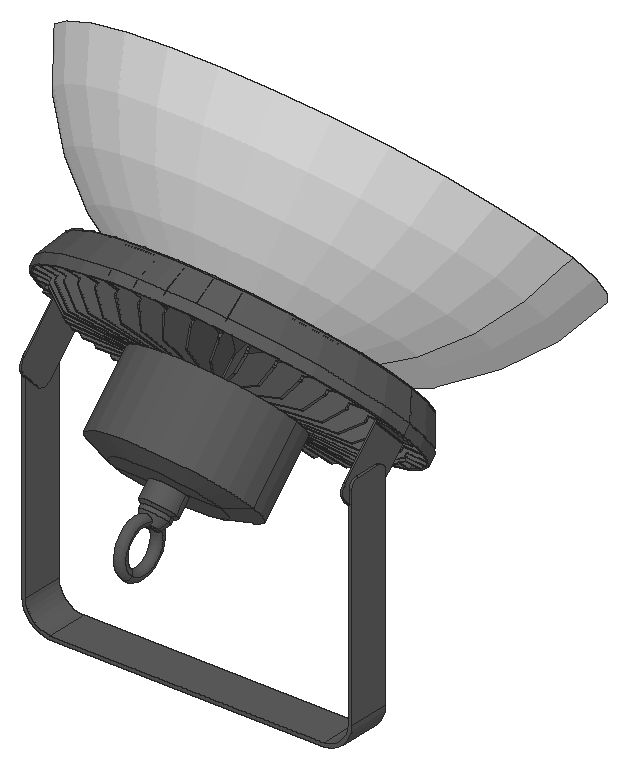
Revit family "0039363+0039354+0039356 Sylvania Lighting Fixture START HighBay IP65 DALI 19000lm 840 MB with BRACKET and ALU SHADE ALU COLOR FOR 13 19KLM", category Lighting Fixtures, host Face, Revit 2016 (continued)
Definition of nested family "Start LED Highbay DALI Head"
  Nested families
    nested 6: "Start Highbay Rib" at (0, 0, 80.875) x (0.7071, 0.7071, 0) z (0, 0, 1), type "Type Name", detail levels medium+fine
      with SuspensionHeight_FEILO 2.6 mm, WidthStraight_FEILO 4.7 mm, WidthRingChamfer_FEILO 12.9 mm, WidthCurved_FEILO 26.2 mm, WidthCurvedRing_FEILO 4.7 mm, SizeS_FEILO no, Rib4_FEILO 14.6 mm, Rib3_FEILO 20.2 mm, Rib2_FEILO 4.5 mm, Rib1_FEILO 19 mm, RadiusDiffuser_FEILO 120 mm, RHRadius3_FEILO 8.6 mm, RHRadius2_FEILO 14 mm, RHRadius1_FEILO 17.7 mm, RHHeight4_FEILO 9.2 mm, RHHeight3_FEILO 4.6 mm, RHHeight2_FEILO 2.6 mm, RHHeight1_FEILO 17.4 mm, HeightRing_FEILO 36.8 mm, HeightRingChamfer_FEILO 26.6 mm, EyeThickness_FEILO 10.5 mm, EyeThicknessHalf_FEILO 5.25 mm, EyeInner_FEILO 17.3 mm, DriverVerticalStraight_FEILO 57 mm, DriverVerticalChamfer_FEILO 9.5 mm, DriverRadius_FEILO 76.4 mm, DriverRadiusTop_FEILO 52.4 mm, DriverBottom_FEILO 74 mm, Radius_FEILO 169.5 mm
    nested 7: "Start Highbay Rib" at (0, 0, 80.875) x (0.5878, 0.809, 0) z (0, 0, 1), type "Type Name", detail levels medium+fine
      with SuspensionHeight_FEILO 2.6 mm, WidthStraight_FEILO 4.7 mm, WidthRingChamfer_FEILO 12.9 mm, WidthCurved_FEILO 26.2 mm, WidthCurvedRing_FEILO 4.7 mm, SizeS_FEILO no, Rib4_FEILO 14.6 mm, Rib3_FEILO 20.2 mm, Rib2_FEILO 4.5 mm, Rib1_FEILO 19 mm, RadiusDiffuser_FEILO 120 mm, RHRadius3_FEILO 8.6 mm, RHRadius2_FEILO 14 mm, RHRadius1_FEILO 17.7 mm, RHHeight4_FEILO 9.2 mm, RHHeight3_FEILO 4.6 mm, RHHeight2_FEILO 2.6 mm, RHHeight1_FEILO 17.4 mm, HeightRing_FEILO 36.8 mm, HeightRingChamfer_FEILO 26.6 mm, EyeThickness_FEILO 10.5 mm, EyeThicknessHalf_FEILO 5.25 mm, EyeInner_FEILO 17.3 mm, DriverVerticalStraight_FEILO 57 mm, DriverVerticalChamfer_FEILO 9.5 mm, DriverRadius_FEILO 76.4 mm, DriverRadiusTop_FEILO 52.4 mm, DriverBottom_FEILO 74 mm, Radius_FEILO 169.5 mm
    nested 8: "Start Highbay Rib" at (0, 0, 80.875) x (0.454, 0.891, 0) z (0, 0, 1), type "Type Name", detail levels medium+fine
      with SuspensionHeight_FEILO 2.6 mm, WidthStraight_FEILO 4.7 mm, WidthRingChamfer_FEILO 12.9 mm, WidthCurved_FEILO 26.2 mm, WidthCurvedRing_FEILO 4.7 mm, SizeS_FEILO no, Rib4_FEILO 14.6 mm, Rib3_FEILO 20.2 mm, Rib2_FEILO 4.5 mm, Rib1_FEILO 19 mm, RadiusDiffuser_FEILO 120 mm, RHRadius3_FEILO 8.6 mm, RHRadius2_FEILO 14 mm, RHRadius1_FEILO 17.7 mm, RHHeight4_FEILO 9.2 mm, RHHeight3_FEILO 4.6 mm, RHHeight2_FEILO 2.6 mm, RHHeight1_FEILO 17.4 mm, HeightRing_FEILO 36.8 mm, HeightRingChamfer_FEILO 26.6 mm, EyeThickness_FEILO 10.5 mm, EyeThicknessHalf_FEILO 5.25 mm, EyeInner_FEILO 17.3 mm, DriverVerticalStraight_FEILO 57 mm, DriverVerticalChamfer_FEILO 9.5 mm, DriverRadius_FEILO 76.4 mm, DriverRadiusTop_FEILO 52.4 mm, DriverBottom_FEILO 74 mm, Radius_FEILO 169.5 mm
    nested 9: "Start Highbay Rib" at (0, 0, 80.875) x (0.309, 0.9511, 0) z (0, 0, 1), type "Type Name", detail levels medium+fine
      with SuspensionHeight_FEILO 2.6 mm, WidthStraight_FEILO 4.7 mm, WidthRingChamfer_FEILO 12.9 mm, WidthCurved_FEILO 26.2 mm, WidthCurvedRing_FEILO 4.7 mm, SizeS_FEILO no, Rib4_FEILO 14.6 mm, Rib3_FEILO 20.2 mm, Rib2_FEILO 4.5 mm, Rib1_FEILO 19 mm, RadiusDiffuser_FEILO 120 mm, RHRadius3_FEILO 8.6 mm, RHRadius2_FEILO 14 mm, RHRadius1_FEILO 17.7 mm, RHHeight4_FEILO 9.2 mm, RHHeight3_FEILO 4.6 mm, RHHeight2_FEILO 2.6 mm, RHHeight1_FEILO 17.4 mm, HeightRing_FEILO 36.8 mm, HeightRingChamfer_FEILO 26.6 mm, EyeThickness_FEILO 10.5 mm, EyeThicknessHalf_FEILO 5.25 mm, EyeInner_FEILO 17.3 mm, DriverVerticalStraight_FEILO 57 mm, DriverVerticalChamfer_FEILO 9.5 mm, DriverRadius_FEILO 76.4 mm, DriverRadiusTop_FEILO 52.4 mm, DriverBottom_FEILO 74 mm, Radius_FEILO 169.5 mm
    nested 10: "Start Highbay Rib" at (0, 0, 80.875) x (0.1564, 0.9877, 0) z (0, 0, 1), type "Type Name", detail levels medium+fine
      with SuspensionHeight_FEILO 2.6 mm, WidthStraight_FEILO 4.7 mm, WidthRingChamfer_FEILO 12.9 mm, WidthCurved_FEILO 26.2 mm, WidthCurvedRing_FEILO 4.7 mm, SizeS_FEILO no, Rib4_FEILO 14.6 mm, Rib3_FEILO 20.2 mm, Rib2_FEILO 4.5 mm, Rib1_FEILO 19 mm, RadiusDiffuser_FEILO 120 mm, RHRadius3_FEILO 8.6 mm, RHRadius2_FEILO 14 mm, RHRadius1_FEILO 17.7 mm, RHHeight4_FEILO 9.2 mm, RHHeight3_FEILO 4.6 mm, RHHeight2_FEILO 2.6 mm, RHHeight1_FEILO 17.4 mm, HeightRing_FEILO 36.8 mm, HeightRingChamfer_FEILO 26.6 mm, EyeThickness_FEILO 10.5 mm, EyeThicknessHalf_FEILO 5.25 mm, EyeInner_FEILO 17.3 mm, DriverVerticalStraight_FEILO 57 mm, DriverVerticalChamfer_FEILO 9.5 mm, DriverRadius_FEILO 76.4 mm, DriverRadiusTop_FEILO 52.4 mm, DriverBottom_FEILO 74 mm, Radius_FEILO 169.5 mm
    nested 11: "Start Highbay Rib" at (0, 0, 80.875) x (0, 1, 0) z (0, 0, 1), type "Type Name", detail levels medium+fine
      with SuspensionHeight_FEILO 2.6 mm, WidthStraight_FEILO 4.7 mm, WidthRingChamfer_FEILO 12.9 mm, WidthCurved_FEILO 26.2 mm, WidthCurvedRing_FEILO 4.7 mm, SizeS_FEILO no, Rib4_FEILO 14.6 mm, Rib3_FEILO 20.2 mm, Rib2_FEILO 4.5 mm, Rib1_FEILO 19 mm, RadiusDiffuser_FEILO 120 mm, RHRadius3_FEILO 8.6 mm, RHRadius2_FEILO 14 mm, RHRadius1_FEILO 17.7 mm, RHHeight4_FEILO 9.2 mm, RHHeight3_FEILO 4.6 mm, RHHeight2_FEILO 2.6 mm, RHHeight1_FEILO 17.4 mm, HeightRing_FEILO 36.8 mm, HeightRingChamfer_FEILO 26.6 mm, EyeThickness_FEILO 10.5 mm, EyeThicknessHalf_FEILO 5.25 mm, EyeInner_FEILO 17.3 mm, DriverVerticalStraight_FEILO 57 mm, DriverVerticalChamfer_FEILO 9.5 mm, DriverRadius_FEILO 76.4 mm, DriverRadiusTop_FEILO 52.4 mm, DriverBottom_FEILO 74 mm, Radius_FEILO 169.5 mm
    nested 12: "Start Highbay Rib" at (0, 0, 80.875) x (-0.1564, 0.9877, 0) z (0, 0, 1), type "Type Name", detail levels medium+fine
      with SuspensionHeight_FEILO 2.6 mm, WidthStraight_FEILO 4.7 mm, WidthRingChamfer_FEILO 12.9 mm, WidthCurved_FEILO 26.2 mm, WidthCurvedRing_FEILO 4.7 mm, SizeS_FEILO no, Rib4_FEILO 14.6 mm, Rib3_FEILO 20.2 mm, Rib2_FEILO 4.5 mm, Rib1_FEILO 19 mm, RadiusDiffuser_FEILO 120 mm, RHRadius3_FEILO 8.6 mm, RHRadius2_FEILO 14 mm, RHRadius1_FEILO 17.7 mm, RHHeight4_FEILO 9.2 mm, RHHeight3_FEILO 4.6 mm, RHHeight2_FEILO 2.6 mm, RHHeight1_FEILO 17.4 mm, HeightRing_FEILO 36.8 mm, HeightRingChamfer_FEILO 26.6 mm, EyeThickness_FEILO 10.5 mm, EyeThicknessHalf_FEILO 5.25 mm, EyeInner_FEILO 17.3 mm, DriverVerticalStraight_FEILO 57 mm, DriverVerticalChamfer_FEILO 9.5 mm, DriverRadius_FEILO 76.4 mm, DriverRadiusTop_FEILO 52.4 mm, DriverBottom_FEILO 74 mm, Radius_FEILO 169.5 mm
    nested 13: "Start Highbay Rib" at (0, 0, 80.875) x (-0.309, 0.9511, 0) z (0, 0, 1), type "Type Name", detail levels medium+fine
      with SuspensionHeight_FEILO 2.6 mm, WidthStraight_FEILO 4.7 mm, WidthRingChamfer_FEILO 12.9 mm, WidthCurved_FEILO 26.2 mm, WidthCurvedRing_FEILO 4.7 mm, SizeS_FEILO no, Rib4_FEILO 14.6 mm, Rib3_FEILO 20.2 mm, Rib2_FEILO 4.5 mm, Rib1_FEILO 19 mm, RadiusDiffuser_FEILO 120 mm, RHRadius3_FEILO 8.6 mm, RHRadius2_FEILO 14 mm, RHRadius1_FEILO 17.7 mm, RHHeight4_FEILO 9.2 mm, RHHeight3_FEILO 4.6 mm, RHHeight2_FEILO 2.6 mm, RHHeight1_FEILO 17.4 mm, HeightRing_FEILO 36.8 mm, HeightRingChamfer_FEILO 26.6 mm, EyeThickness_FEILO 10.5 mm, EyeThicknessHalf_FEILO 5.25 mm, EyeInner_FEILO 17.3 mm, DriverVerticalStraight_FEILO 57 mm, DriverVerticalChamfer_FEILO 9.5 mm, DriverRadius_FEILO 76.4 mm, DriverRadiusTop_FEILO 52.4 mm, DriverBottom_FEILO 74 mm, Radius_FEILO 169.5 mm
    nested 14: "Start Highbay Rib" at (0, 0, 80.875) x (-0.454, 0.891, 0) z (0, 0, 1), type "Type Name", detail levels medium+fine
      with SuspensionHeight_FEILO 2.6 mm, WidthStraight_FEILO 4.7 mm, WidthRingChamfer_FEILO 12.9 mm, WidthCurved_FEILO 26.2 mm, WidthCurvedRing_FEILO 4.7 mm, SizeS_FEILO no, Rib4_FEILO 14.6 mm, Rib3_FEILO 20.2 mm, Rib2_FEILO 4.5 mm, Rib1_FEILO 19 mm, RadiusDiffuser_FEILO 120 mm, RHRadius3_FEILO 8.6 mm, RHRadius2_FEILO 14 mm, RHRadius1_FEILO 17.7 mm, RHHeight4_FEILO 9.2 mm, RHHeight3_FEILO 4.6 mm, RHHeight2_FEILO 2.6 mm, RHHeight1_FEILO 17.4 mm, HeightRing_FEILO 36.8 mm, HeightRingChamfer_FEILO 26.6 mm, EyeThickness_FEILO 10.5 mm, EyeThicknessHalf_FEILO 5.25 mm, EyeInner_FEILO 17.3 mm, DriverVerticalStraight_FEILO 57 mm, DriverVerticalChamfer_FEILO 9.5 mm, DriverRadius_FEILO 76.4 mm, DriverRadiusTop_FEILO 52.4 mm, DriverBottom_FEILO 74 mm, Radius_FEILO 169.5 mm
    nested 15: "Start Highbay Rib" at (0, 0, 80.875) x (-0.5878, 0.809, 0) z (0, 0, 1), type "Type Name", detail levels medium+fine
      with SuspensionHeight_FEILO 2.6 mm, WidthStraight_FEILO 4.7 mm, WidthRingChamfer_FEILO 12.9 mm, WidthCurved_FEILO 26.2 mm, WidthCurvedRing_FEILO 4.7 mm, SizeS_FEILO no, Rib4_FEILO 14.6 mm, Rib3_FEILO 20.2 mm, Rib2_FEILO 4.5 mm, Rib1_FEILO 19 mm, RadiusDiffuser_FEILO 120 mm, RHRadius3_FEILO 8.6 mm, RHRadius2_FEILO 14 mm, RHRadius1_FEILO 17.7 mm, RHHeight4_FEILO 9.2 mm, RHHeight3_FEILO 4.6 mm, RHHeight2_FEILO 2.6 mm, RHHeight1_FEILO 17.4 mm, HeightRing_FEILO 36.8 mm, HeightRingChamfer_FEILO 26.6 mm, EyeThickness_FEILO 10.5 mm, EyeThicknessHalf_FEILO 5.25 mm, EyeInner_FEILO 17.3 mm, DriverVerticalStraight_FEILO 57 mm, DriverVerticalChamfer_FEILO 9.5 mm, DriverRadius_FEILO 76.4 mm, DriverRadiusTop_FEILO 52.4 mm, DriverBottom_FEILO 74 mm, Radius_FEILO 169.5 mm
    nested 16: "Start Highbay Rib" at (0, 0, 80.875) x (-0.7071, 0.7071, 0) z (0, 0, 1), type "Type Name", detail levels medium+fine
      with SuspensionHeight_FEILO 2.6 mm, WidthStraight_FEILO 4.7 mm, WidthRingChamfer_FEILO 12.9 mm, WidthCurved_FEILO 26.2 mm, WidthCurvedRing_FEILO 4.7 mm, SizeS_FEILO no, Rib4_FEILO 14.6 mm, Rib3_FEILO 20.2 mm, Rib2_FEILO 4.5 mm, Rib1_FEILO 19 mm, RadiusDiffuser_FEILO 120 mm, RHRadius3_FEILO 8.6 mm, RHRadius2_FEILO 14 mm, RHRadius1_FEILO 17.7 mm, RHHeight4_FEILO 9.2 mm, RHHeight3_FEILO 4.6 mm, RHHeight2_FEILO 2.6 mm, RHHeight1_FEILO 17.4 mm, HeightRing_FEILO 36.8 mm, HeightRingChamfer_FEILO 26.6 mm, EyeThickness_FEILO 10.5 mm, EyeThicknessHalf_FEILO 5.25 mm, EyeInner_FEILO 17.3 mm, DriverVerticalStraight_FEILO 57 mm, DriverVerticalChamfer_FEILO 9.5 mm, DriverRadius_FEILO 76.4 mm, DriverRadiusTop_FEILO 52.4 mm, DriverBottom_FEILO 74 mm, Radius_FEILO 169.5 mm
    nested 17: "Start Highbay Rib" at (0, 0, 80.875) x (-0.809, 0.5878, 0) z (0, 0, 1), type "Type Name", detail levels medium+fine
      with SuspensionHeight_FEILO 2.6 mm, WidthStraight_FEILO 4.7 mm, WidthRingChamfer_FEILO 12.9 mm, WidthCurved_FEILO 26.2 mm, WidthCurvedRing_FEILO 4.7 mm, SizeS_FEILO no, Rib4_FEILO 14.6 mm, Rib3_FEILO 20.2 mm, Rib2_FEILO 4.5 mm, Rib1_FEILO 19 mm, RadiusDiffuser_FEILO 120 mm, RHRadius3_FEILO 8.6 mm, RHRadius2_FEILO 14 mm, RHRadius1_FEILO 17.7 mm, RHHeight4_FEILO 9.2 mm, RHHeight3_FEILO 4.6 mm, RHHeight2_FEILO 2.6 mm, RHHeight1_FEILO 17.4 mm, HeightRing_FEILO 36.8 mm, HeightRingChamfer_FEILO 26.6 mm, EyeThickness_FEILO 10.5 mm, EyeThicknessHalf_FEILO 5.25 mm, EyeInner_FEILO 17.3 mm, DriverVerticalStraight_FEILO 57 mm, DriverVerticalChamfer_FEILO 9.5 mm, DriverRadius_FEILO 76.4 mm, DriverRadiusTop_FEILO 52.4 mm, DriverBottom_FEILO 74 mm, Radius_FEILO 169.5 mm
    nested 18: "Start Highbay Rib" at (0, 0, 80.875) x (-0.891, 0.454, 0) z (0, 0, 1), type "Type Name", detail levels medium+fine
      with SuspensionHeight_FEILO 2.6 mm, WidthStraight_FEILO 4.7 mm, WidthRingChamfer_FEILO 12.9 mm, WidthCurved_FEILO 26.2 mm, WidthCurvedRing_FEILO 4.7 mm, SizeS_FEILO no, Rib4_FEILO 14.6 mm, Rib3_FEILO 20.2 mm, Rib2_FEILO 4.5 mm, Rib1_FEILO 19 mm, RadiusDiffuser_FEILO 120 mm, RHRadius3_FEILO 8.6 mm, RHRadius2_FEILO 14 mm, RHRadius1_FEILO 17.7 mm, RHHeight4_FEILO 9.2 mm, RHHeight3_FEILO 4.6 mm, RHHeight2_FEILO 2.6 mm, RHHeight1_FEILO 17.4 mm, HeightRing_FEILO 36.8 mm, HeightRingChamfer_FEILO 26.6 mm, EyeThickness_FEILO 10.5 mm, EyeThicknessHalf_FEILO 5.25 mm, EyeInner_FEILO 17.3 mm, DriverVerticalStraight_FEILO 57 mm, DriverVerticalChamfer_FEILO 9.5 mm, DriverRadius_FEILO 76.4 mm, DriverRadiusTop_FEILO 52.4 mm, DriverBottom_FEILO 74 mm, Radius_FEILO 169.5 mm
    nested 19: "Start Highbay Rib" at (0, 0, 80.875) x (-0.9511, 0.309, 0) z (0, 0, 1), type "Type Name", detail levels medium+fine
      with SuspensionHeight_FEILO 2.6 mm, WidthStraight_FEILO 4.7 mm, WidthRingChamfer_FEILO 12.9 mm, WidthCurved_FEILO 26.2 mm, WidthCurvedRing_FEILO 4.7 mm, SizeS_FEILO no, Rib4_FEILO 14.6 mm, Rib3_FEILO 20.2 mm, Rib2_FEILO 4.5 mm, Rib1_FEILO 19 mm, RadiusDiffuser_FEILO 120 mm, RHRadius3_FEILO 8.6 mm, RHRadius2_FEILO 14 mm, RHRadius1_FEILO 17.7 mm, RHHeight4_FEILO 9.2 mm, RHHeight3_FEILO 4.6 mm, RHHeight2_FEILO 2.6 mm, RHHeight1_FEILO 17.4 mm, HeightRing_FEILO 36.8 mm, HeightRingChamfer_FEILO 26.6 mm, EyeThickness_FEILO 10.5 mm, EyeThicknessHalf_FEILO 5.25 mm, EyeInner_FEILO 17.3 mm, DriverVerticalStraight_FEILO 57 mm, DriverVerticalChamfer_FEILO 9.5 mm, DriverRadius_FEILO 76.4 mm, DriverRadiusTop_FEILO 52.4 mm, DriverBottom_FEILO 74 mm, Radius_FEILO 169.5 mm
    nested 20: "Start Highbay Rib" at (0, 0, 80.875) x (-0.9877, 0.1564, 0) z (0, 0, 1), type "Type Name", detail levels medium+fine
      with SuspensionHeight_FEILO 2.6 mm, WidthStraight_FEILO 4.7 mm, WidthRingChamfer_FEILO 12.9 mm, WidthCurved_FEILO 26.2 mm, WidthCurvedRing_FEILO 4.7 mm, SizeS_FEILO no, Rib4_FEILO 14.6 mm, Rib3_FEILO 20.2 mm, Rib2_FEILO 4.5 mm, Rib1_FEILO 19 mm, RadiusDiffuser_FEILO 120 mm, RHRadius3_FEILO 8.6 mm, RHRadius2_FEILO 14 mm, RHRadius1_FEILO 17.7 mm, RHHeight4_FEILO 9.2 mm, RHHeight3_FEILO 4.6 mm, RHHeight2_FEILO 2.6 mm, RHHeight1_FEILO 17.4 mm, HeightRing_FEILO 36.8 mm, HeightRingChamfer_FEILO 26.6 mm, EyeThickness_FEILO 10.5 mm, EyeThicknessHalf_FEILO 5.25 mm, EyeInner_FEILO 17.3 mm, DriverVerticalStraight_FEILO 57 mm, DriverVerticalChamfer_FEILO 9.5 mm, DriverRadius_FEILO 76.4 mm, DriverRadiusTop_FEILO 52.4 mm, DriverBottom_FEILO 74 mm, Radius_FEILO 169.5 mm
    nested 21: "Start Highbay Rib" at (0, 0, 80.875) x (-1, 0, 0) z (0, 0, 1), type "Type Name", detail levels medium+fine
      with SuspensionHeight_FEILO 2.6 mm, WidthStraight_FEILO 4.7 mm, WidthRingChamfer_FEILO 12.9 mm, WidthCurved_FEILO 26.2 mm, WidthCurvedRing_FEILO 4.7 mm, SizeS_FEILO no, Rib4_FEILO 14.6 mm, Rib3_FEILO 20.2 mm, Rib2_FEILO 4.5 mm, Rib1_FEILO 19 mm, RadiusDiffuser_FEILO 120 mm, RHRadius3_FEILO 8.6 mm, RHRadius2_FEILO 14 mm, RHRadius1_FEILO 17.7 mm, RHHeight4_FEILO 9.2 mm, RHHeight3_FEILO 4.6 mm, RHHeight2_FEILO 2.6 mm, RHHeight1_FEILO 17.4 mm, HeightRing_FEILO 36.8 mm, HeightRingChamfer_FEILO 26.6 mm, EyeThickness_FEILO 10.5 mm, EyeThicknessHalf_FEILO 5.25 mm, EyeInner_FEILO 17.3 mm, DriverVerticalStraight_FEILO 57 mm, DriverVerticalChamfer_FEILO 9.5 mm, DriverRadius_FEILO 76.4 mm, DriverRadiusTop_FEILO 52.4 mm, DriverBottom_FEILO 74 mm, Radius_FEILO 169.5 mm
    nested 22: "Start Highbay Rib" at (0, 0, 80.875) x (-0.9877, -0.1564, 0) z (0, 0, 1), type "Type Name", detail levels medium+fine
      with SuspensionHeight_FEILO 2.6 mm, WidthStraight_FEILO 4.7 mm, WidthRingChamfer_FEILO 12.9 mm, WidthCurved_FEILO 26.2 mm, WidthCurvedRing_FEILO 4.7 mm, SizeS_FEILO no, Rib4_FEILO 14.6 mm, Rib3_FEILO 20.2 mm, Rib2_FEILO 4.5 mm, Rib1_FEILO 19 mm, RadiusDiffuser_FEILO 120 mm, RHRadius3_FEILO 8.6 mm, RHRadius2_FEILO 14 mm, RHRadius1_FEILO 17.7 mm, RHHeight4_FEILO 9.2 mm, RHHeight3_FEILO 4.6 mm, RHHeight2_FEILO 2.6 mm, RHHeight1_FEILO 17.4 mm, HeightRing_FEILO 36.8 mm, HeightRingChamfer_FEILO 26.6 mm, EyeThickness_FEILO 10.5 mm, EyeThicknessHalf_FEILO 5.25 mm, EyeInner_FEILO 17.3 mm, DriverVerticalStraight_FEILO 57 mm, DriverVerticalChamfer_FEILO 9.5 mm, DriverRadius_FEILO 76.4 mm, DriverRadiusTop_FEILO 52.4 mm, DriverBottom_FEILO 74 mm, Radius_FEILO 169.5 mm
    nested 23: "Start Highbay Rib" at (0, 0, 80.875) x (-0.9511, -0.309, 0) z (0, 0, 1), type "Type Name", detail levels medium+fine
      with SuspensionHeight_FEILO 2.6 mm, WidthStraight_FEILO 4.7 mm, WidthRingChamfer_FEILO 12.9 mm, WidthCurved_FEILO 26.2 mm, WidthCurvedRing_FEILO 4.7 mm, SizeS_FEILO no, Rib4_FEILO 14.6 mm, Rib3_FEILO 20.2 mm, Rib2_FEILO 4.5 mm, Rib1_FEILO 19 mm, RadiusDiffuser_FEILO 120 mm, RHRadius3_FEILO 8.6 mm, RHRadius2_FEILO 14 mm, RHRadius1_FEILO 17.7 mm, RHHeight4_FEILO 9.2 mm, RHHeight3_FEILO 4.6 mm, RHHeight2_FEILO 2.6 mm, RHHeight1_FEILO 17.4 mm, HeightRing_FEILO 36.8 mm, HeightRingChamfer_FEILO 26.6 mm, EyeThickness_FEILO 10.5 mm, EyeThicknessHalf_FEILO 5.25 mm, EyeInner_FEILO 17.3 mm, DriverVerticalStraight_FEILO 57 mm, DriverVerticalChamfer_FEILO 9.5 mm, DriverRadius_FEILO 76.4 mm, DriverRadiusTop_FEILO 52.4 mm, DriverBottom_FEILO 74 mm, Radius_FEILO 169.5 mm
    nested 24: "Start Highbay Rib" at (0, 0, 80.875) x (-0.891, -0.454, 0) z (0, 0, 1), type "Type Name", detail levels medium+fine
      with SuspensionHeight_FEILO 2.6 mm, WidthStraight_FEILO 4.7 mm, WidthRingChamfer_FEILO 12.9 mm, WidthCurved_FEILO 26.2 mm, WidthCurvedRing_FEILO 4.7 mm, SizeS_FEILO no, Rib4_FEILO 14.6 mm, Rib3_FEILO 20.2 mm, Rib2_FEILO 4.5 mm, Rib1_FEILO 19 mm, RadiusDiffuser_FEILO 120 mm, RHRadius3_FEILO 8.6 mm, RHRadius2_FEILO 14 mm, RHRadius1_FEILO 17.7 mm, RHHeight4_FEILO 9.2 mm, RHHeight3_FEILO 4.6 mm, RHHeight2_FEILO 2.6 mm, RHHeight1_FEILO 17.4 mm, HeightRing_FEILO 36.8 mm, HeightRingChamfer_FEILO 26.6 mm, EyeThickness_FEILO 10.5 mm, EyeThicknessHalf_FEILO 5.25 mm, EyeInner_FEILO 17.3 mm, DriverVerticalStraight_FEILO 57 mm, DriverVerticalChamfer_FEILO 9.5 mm, DriverRadius_FEILO 76.4 mm, DriverRadiusTop_FEILO 52.4 mm, DriverBottom_FEILO 74 mm, Radius_FEILO 169.5 mm
    nested 25: "Start Highbay Rib" at (0, 0, 80.875) x (-0.809, -0.5878, 0) z (0, 0, 1), type "Type Name", detail levels medium+fine
      with SuspensionHeight_FEILO 2.6 mm, WidthStraight_FEILO 4.7 mm, WidthRingChamfer_FEILO 12.9 mm, WidthCurved_FEILO 26.2 mm, WidthCurvedRing_FEILO 4.7 mm, SizeS_FEILO no, Rib4_FEILO 14.6 mm, Rib3_FEILO 20.2 mm, Rib2_FEILO 4.5 mm, Rib1_FEILO 19 mm, RadiusDiffuser_FEILO 120 mm, RHRadius3_FEILO 8.6 mm, RHRadius2_FEILO 14 mm, RHRadius1_FEILO 17.7 mm, RHHeight4_FEILO 9.2 mm, RHHeight3_FEILO 4.6 mm, RHHeight2_FEILO 2.6 mm, RHHeight1_FEILO 17.4 mm, HeightRing_FEILO 36.8 mm, HeightRingChamfer_FEILO 26.6 mm, EyeThickness_FEILO 10.5 mm, EyeThicknessHalf_FEILO 5.25 mm, EyeInner_FEILO 17.3 mm, DriverVerticalStraight_FEILO 57 mm, DriverVerticalChamfer_FEILO 9.5 mm, DriverRadius_FEILO 76.4 mm, DriverRadiusTop_FEILO 52.4 mm, DriverBottom_FEILO 74 mm, Radius_FEILO 169.5 mm
    nested 26: "Start Highbay Rib" at (0, 0, 80.875) x (-0.7071, -0.7071, 0) z (0, 0, 1), type "Type Name", detail levels medium+fine
      with SuspensionHeight_FEILO 2.6 mm, WidthStraight_FEILO 4.7 mm, WidthRingChamfer_FEILO 12.9 mm, WidthCurved_FEILO 26.2 mm, WidthCurvedRing_FEILO 4.7 mm, SizeS_FEILO no, Rib4_FEILO 14.6 mm, Rib3_FEILO 20.2 mm, Rib2_FEILO 4.5 mm, Rib1_FEILO 19 mm, RadiusDiffuser_FEILO 120 mm, RHRadius3_FEILO 8.6 mm, RHRadius2_FEILO 14 mm, RHRadius1_FEILO 17.7 mm, RHHeight4_FEILO 9.2 mm, RHHeight3_FEILO 4.6 mm, RHHeight2_FEILO 2.6 mm, RHHeight1_FEILO 17.4 mm, HeightRing_FEILO 36.8 mm, HeightRingChamfer_FEILO 26.6 mm, EyeThickness_FEILO 10.5 mm, EyeThicknessHalf_FEILO 5.25 mm, EyeInner_FEILO 17.3 mm, DriverVerticalStraight_FEILO 57 mm, DriverVerticalChamfer_FEILO 9.5 mm, DriverRadius_FEILO 76.4 mm, DriverRadiusTop_FEILO 52.4 mm, DriverBottom_FEILO 74 mm, Radius_FEILO 169.5 mm
    nested 27: "Start Highbay Rib" at (0, 0, 80.875) x (-0.5878, -0.809, 0) z (0, 0, 1), type "Type Name", detail levels medium+fine
      with SuspensionHeight_FEILO 2.6 mm, WidthStraight_FEILO 4.7 mm, WidthRingChamfer_FEILO 12.9 mm, WidthCurved_FEILO 26.2 mm, WidthCurvedRing_FEILO 4.7 mm, SizeS_FEILO no, Rib4_FEILO 14.6 mm, Rib3_FEILO 20.2 mm, Rib2_FEILO 4.5 mm, Rib1_FEILO 19 mm, RadiusDiffuser_FEILO 120 mm, RHRadius3_FEILO 8.6 mm, RHRadius2_FEILO 14 mm, RHRadius1_FEILO 17.7 mm, RHHeight4_FEILO 9.2 mm, RHHeight3_FEILO 4.6 mm, RHHeight2_FEILO 2.6 mm, RHHeight1_FEILO 17.4 mm, HeightRing_FEILO 36.8 mm, HeightRingChamfer_FEILO 26.6 mm, EyeThickness_FEILO 10.5 mm, EyeThicknessHalf_FEILO 5.25 mm, EyeInner_FEILO 17.3 mm, DriverVerticalStraight_FEILO 57 mm, DriverVerticalChamfer_FEILO 9.5 mm, DriverRadius_FEILO 76.4 mm, DriverRadiusTop_FEILO 52.4 mm, DriverBottom_FEILO 74 mm, Radius_FEILO 169.5 mm
    nested 28: "Start Highbay Rib" at (0, 0, 80.875) x (-0.454, -0.891, 0) z (0, 0, 1), type "Type Name", detail levels medium+fine
      with SuspensionHeight_FEILO 2.6 mm, WidthStraight_FEILO 4.7 mm, WidthRingChamfer_FEILO 12.9 mm, WidthCurved_FEILO 26.2 mm, WidthCurvedRing_FEILO 4.7 mm, SizeS_FEILO no, Rib4_FEILO 14.6 mm, Rib3_FEILO 20.2 mm, Rib2_FEILO 4.5 mm, Rib1_FEILO 19 mm, RadiusDiffuser_FEILO 120 mm, RHRadius3_FEILO 8.6 mm, RHRadius2_FEILO 14 mm, RHRadius1_FEILO 17.7 mm, RHHeight4_FEILO 9.2 mm, RHHeight3_FEILO 4.6 mm, RHHeight2_FEILO 2.6 mm, RHHeight1_FEILO 17.4 mm, HeightRing_FEILO 36.8 mm, HeightRingChamfer_FEILO 26.6 mm, EyeThickness_FEILO 10.5 mm, EyeThicknessHalf_FEILO 5.25 mm, EyeInner_FEILO 17.3 mm, DriverVerticalStraight_FEILO 57 mm, DriverVerticalChamfer_FEILO 9.5 mm, DriverRadius_FEILO 76.4 mm, DriverRadiusTop_FEILO 52.4 mm, DriverBottom_FEILO 74 mm, Radius_FEILO 169.5 mm
    nested 29: "Start Highbay Rib" at (0, 0, 80.875) x (-0.309, -0.9511, 0) z (0, 0, 1), type "Type Name", detail levels medium+fine
      with SuspensionHeight_FEILO 2.6 mm, WidthStraight_FEILO 4.7 mm, WidthRingChamfer_FEILO 12.9 mm, WidthCurved_FEILO 26.2 mm, WidthCurvedRing_FEILO 4.7 mm, SizeS_FEILO no, Rib4_FEILO 14.6 mm, Rib3_FEILO 20.2 mm, Rib2_FEILO 4.5 mm, Rib1_FEILO 19 mm, RadiusDiffuser_FEILO 120 mm, RHRadius3_FEILO 8.6 mm, RHRadius2_FEILO 14 mm, RHRadius1_FEILO 17.7 mm, RHHeight4_FEILO 9.2 mm, RHHeight3_FEILO 4.6 mm, RHHeight2_FEILO 2.6 mm, RHHeight1_FEILO 17.4 mm, HeightRing_FEILO 36.8 mm, HeightRingChamfer_FEILO 26.6 mm, EyeThickness_FEILO 10.5 mm, EyeThicknessHalf_FEILO 5.25 mm, EyeInner_FEILO 17.3 mm, DriverVerticalStraight_FEILO 57 mm, DriverVerticalChamfer_FEILO 9.5 mm, DriverRadius_FEILO 76.4 mm, DriverRadiusTop_FEILO 52.4 mm, DriverBottom_FEILO 74 mm, Radius_FEILO 169.5 mm
    nested 30: "Start Highbay Rib" at (0, 0, 80.875) x (-0.1564, -0.9877, 0) z (0, 0, 1), type "Type Name", detail levels medium+fine
      with SuspensionHeight_FEILO 2.6 mm, WidthStraight_FEILO 4.7 mm, WidthRingChamfer_FEILO 12.9 mm, WidthCurved_FEILO 26.2 mm, WidthCurvedRing_FEILO 4.7 mm, SizeS_FEILO no, Rib4_FEILO 14.6 mm, Rib3_FEILO 20.2 mm, Rib2_FEILO 4.5 mm, Rib1_FEILO 19 mm, RadiusDiffuser_FEILO 120 mm, RHRadius3_FEILO 8.6 mm, RHRadius2_FEILO 14 mm, RHRadius1_FEILO 17.7 mm, RHHeight4_FEILO 9.2 mm, RHHeight3_FEILO 4.6 mm, RHHeight2_FEILO 2.6 mm, RHHeight1_FEILO 17.4 mm, HeightRing_FEILO 36.8 mm, HeightRingChamfer_FEILO 26.6 mm, EyeThickness_FEILO 10.5 mm, EyeThicknessHalf_FEILO 5.25 mm, EyeInner_FEILO 17.3 mm, DriverVerticalStraight_FEILO 57 mm, DriverVerticalChamfer_FEILO 9.5 mm, DriverRadius_FEILO 76.4 mm, DriverRadiusTop_FEILO 52.4 mm, DriverBottom_FEILO 74 mm, Radius_FEILO 169.5 mm
    nested 31: "Start Highbay Rib" at (0, 0, 80.875) x (0, -1, 0) z (0, 0, 1), type "Type Name", detail levels medium+fine
      with SuspensionHeight_FEILO 2.6 mm, WidthStraight_FEILO 4.7 mm, WidthRingChamfer_FEILO 12.9 mm, WidthCurved_FEILO 26.2 mm, WidthCurvedRing_FEILO 4.7 mm, SizeS_FEILO no, Rib4_FEILO 14.6 mm, Rib3_FEILO 20.2 mm, Rib2_FEILO 4.5 mm, Rib1_FEILO 19 mm, RadiusDiffuser_FEILO 120 mm, RHRadius3_FEILO 8.6 mm, RHRadius2_FEILO 14 mm, RHRadius1_FEILO 17.7 mm, RHHeight4_FEILO 9.2 mm, RHHeight3_FEILO 4.6 mm, RHHeight2_FEILO 2.6 mm, RHHeight1_FEILO 17.4 mm, HeightRing_FEILO 36.8 mm, HeightRingChamfer_FEILO 26.6 mm, EyeThickness_FEILO 10.5 mm, EyeThicknessHalf_FEILO 5.25 mm, EyeInner_FEILO 17.3 mm, DriverVerticalStraight_FEILO 57 mm, DriverVerticalChamfer_FEILO 9.5 mm, DriverRadius_FEILO 76.4 mm, DriverRadiusTop_FEILO 52.4 mm, DriverBottom_FEILO 74 mm, Radius_FEILO 169.5 mm
    nested 32: "Start Highbay Rib" at (0, 0, 80.875) x (0.1564, -0.9877, 0) z (0, 0, 1), type "Type Name", detail levels medium+fine
      with SuspensionHeight_FEILO 2.6 mm, WidthStraight_FEILO 4.7 mm, WidthRingChamfer_FEILO 12.9 mm, WidthCurved_FEILO 26.2 mm, WidthCurvedRing_FEILO 4.7 mm, SizeS_FEILO no, Rib4_FEILO 14.6 mm, Rib3_FEILO 20.2 mm, Rib2_FEILO 4.5 mm, Rib1_FEILO 19 mm, RadiusDiffuser_FEILO 120 mm, RHRadius3_FEILO 8.6 mm, RHRadius2_FEILO 14 mm, RHRadius1_FEILO 17.7 mm, RHHeight4_FEILO 9.2 mm, RHHeight3_FEILO 4.6 mm, RHHeight2_FEILO 2.6 mm, RHHeight1_FEILO 17.4 mm, HeightRing_FEILO 36.8 mm, HeightRingChamfer_FEILO 26.6 mm, EyeThickness_FEILO 10.5 mm, EyeThicknessHalf_FEILO 5.25 mm, EyeInner_FEILO 17.3 mm, DriverVerticalStraight_FEILO 57 mm, DriverVerticalChamfer_FEILO 9.5 mm, DriverRadius_FEILO 76.4 mm, DriverRadiusTop_FEILO 52.4 mm, DriverBottom_FEILO 74 mm, Radius_FEILO 169.5 mm
    nested 33: "Start Highbay Rib" at (0, 0, 80.875) x (0.309, -0.9511, 0) z (0, 0, 1), type "Type Name", detail levels medium+fine
      with SuspensionHeight_FEILO 2.6 mm, WidthStraight_FEILO 4.7 mm, WidthRingChamfer_FEILO 12.9 mm, WidthCurved_FEILO 26.2 mm, WidthCurvedRing_FEILO 4.7 mm, SizeS_FEILO no, Rib4_FEILO 14.6 mm, Rib3_FEILO 20.2 mm, Rib2_FEILO 4.5 mm, Rib1_FEILO 19 mm, RadiusDiffuser_FEILO 120 mm, RHRadius3_FEILO 8.6 mm, RHRadius2_FEILO 14 mm, RHRadius1_FEILO 17.7 mm, RHHeight4_FEILO 9.2 mm, RHHeight3_FEILO 4.6 mm, RHHeight2_FEILO 2.6 mm, RHHeight1_FEILO 17.4 mm, HeightRing_FEILO 36.8 mm, HeightRingChamfer_FEILO 26.6 mm, EyeThickness_FEILO 10.5 mm, EyeThicknessHalf_FEILO 5.25 mm, EyeInner_FEILO 17.3 mm, DriverVerticalStraight_FEILO 57 mm, DriverVerticalChamfer_FEILO 9.5 mm, DriverRadius_FEILO 76.4 mm, DriverRadiusTop_FEILO 52.4 mm, DriverBottom_FEILO 74 mm, Radius_FEILO 169.5 mm
    nested 34: "Start Highbay Rib" at (0, 0, 80.875) x (0.454, -0.891, 0) z (0, 0, 1), type "Type Name", detail levels medium+fine
      with SuspensionHeight_FEILO 2.6 mm, WidthStraight_FEILO 4.7 mm, WidthRingChamfer_FEILO 12.9 mm, WidthCurved_FEILO 26.2 mm, WidthCurvedRing_FEILO 4.7 mm, SizeS_FEILO no, Rib4_FEILO 14.6 mm, Rib3_FEILO 20.2 mm, Rib2_FEILO 4.5 mm, Rib1_FEILO 19 mm, RadiusDiffuser_FEILO 120 mm, RHRadius3_FEILO 8.6 mm, RHRadius2_FEILO 14 mm, RHRadius1_FEILO 17.7 mm, RHHeight4_FEILO 9.2 mm, RHHeight3_FEILO 4.6 mm, RHHeight2_FEILO 2.6 mm, RHHeight1_FEILO 17.4 mm, HeightRing_FEILO 36.8 mm, HeightRingChamfer_FEILO 26.6 mm, EyeThickness_FEILO 10.5 mm, EyeThicknessHalf_FEILO 5.25 mm, EyeInner_FEILO 17.3 mm, DriverVerticalStraight_FEILO 57 mm, DriverVerticalChamfer_FEILO 9.5 mm, DriverRadius_FEILO 76.4 mm, DriverRadiusTop_FEILO 52.4 mm, DriverBottom_FEILO 74 mm, Radius_FEILO 169.5 mm
    nested 35: "Start Highbay Rib" at (0, 0, 80.875) x (0.5878, -0.809, 0) z (0, 0, 1), type "Type Name", detail levels medium+fine
      with SuspensionHeight_FEILO 2.6 mm, WidthStraight_FEILO 4.7 mm, WidthRingChamfer_FEILO 12.9 mm, WidthCurved_FEILO 26.2 mm, WidthCurvedRing_FEILO 4.7 mm, SizeS_FEILO no, Rib4_FEILO 14.6 mm, Rib3_FEILO 20.2 mm, Rib2_FEILO 4.5 mm, Rib1_FEILO 19 mm, RadiusDiffuser_FEILO 120 mm, RHRadius3_FEILO 8.6 mm, RHRadius2_FEILO 14 mm, RHRadius1_FEILO 17.7 mm, RHHeight4_FEILO 9.2 mm, RHHeight3_FEILO 4.6 mm, RHHeight2_FEILO 2.6 mm, RHHeight1_FEILO 17.4 mm, HeightRing_FEILO 36.8 mm, HeightRingChamfer_FEILO 26.6 mm, EyeThickness_FEILO 10.5 mm, EyeThicknessHalf_FEILO 5.25 mm, EyeInner_FEILO 17.3 mm, DriverVerticalStraight_FEILO 57 mm, DriverVerticalChamfer_FEILO 9.5 mm, DriverRadius_FEILO 76.4 mm, DriverRadiusTop_FEILO 52.4 mm, DriverBottom_FEILO 74 mm, Radius_FEILO 169.5 mm
    nested 36: "Start Highbay Rib" at (0, 0, 80.875) x (0.7071, -0.7071, 0) z (0, 0, 1), type "Type Name", detail levels medium+fine
      with SuspensionHeight_FEILO 2.6 mm, WidthStraight_FEILO 4.7 mm, WidthRingChamfer_FEILO 12.9 mm, WidthCurved_FEILO 26.2 mm, WidthCurvedRing_FEILO 4.7 mm, SizeS_FEILO no, Rib4_FEILO 14.6 mm, Rib3_FEILO 20.2 mm, Rib2_FEILO 4.5 mm, Rib1_FEILO 19 mm, RadiusDiffuser_FEILO 120 mm, RHRadius3_FEILO 8.6 mm, RHRadius2_FEILO 14 mm, RHRadius1_FEILO 17.7 mm, RHHeight4_FEILO 9.2 mm, RHHeight3_FEILO 4.6 mm, RHHeight2_FEILO 2.6 mm, RHHeight1_FEILO 17.4 mm, HeightRing_FEILO 36.8 mm, HeightRingChamfer_FEILO 26.6 mm, EyeThickness_FEILO 10.5 mm, EyeThicknessHalf_FEILO 5.25 mm, EyeInner_FEILO 17.3 mm, DriverVerticalStraight_FEILO 57 mm, DriverVerticalChamfer_FEILO 9.5 mm, DriverRadius_FEILO 76.4 mm, DriverRadiusTop_FEILO 52.4 mm, DriverBottom_FEILO 74 mm, Radius_FEILO 169.5 mm
    nested 37: "Start Highbay Rib" at (0, 0, 80.875) x (0.809, -0.5878, 0) z (0, 0, 1), type "Type Name", detail levels medium+fine
      with SuspensionHeight_FEILO 2.6 mm, WidthStraight_FEILO 4.7 mm, WidthRingChamfer_FEILO 12.9 mm, WidthCurved_FEILO 26.2 mm, WidthCurvedRing_FEILO 4.7 mm, SizeS_FEILO no, Rib4_FEILO 14.6 mm, Rib3_FEILO 20.2 mm, Rib2_FEILO 4.5 mm, Rib1_FEILO 19 mm, RadiusDiffuser_FEILO 120 mm, RHRadius3_FEILO 8.6 mm, RHRadius2_FEILO 14 mm, RHRadius1_FEILO 17.7 mm, RHHeight4_FEILO 9.2 mm, RHHeight3_FEILO 4.6 mm, RHHeight2_FEILO 2.6 mm, RHHeight1_FEILO 17.4 mm, HeightRing_FEILO 36.8 mm, HeightRingChamfer_FEILO 26.6 mm, EyeThickness_FEILO 10.5 mm, EyeThicknessHalf_FEILO 5.25 mm, EyeInner_FEILO 17.3 mm, DriverVerticalStraight_FEILO 57 mm, DriverVerticalChamfer_FEILO 9.5 mm, DriverRadius_FEILO 76.4 mm, DriverRadiusTop_FEILO 52.4 mm, DriverBottom_FEILO 74 mm, Radius_FEILO 169.5 mm
    nested 38: "Start Highbay Rib" at (0, 0, 80.875) x (0.891, -0.454, 0) z (0, 0, 1), type "Type Name", detail levels medium+fine
      with SuspensionHeight_FEILO 2.6 mm, WidthStraight_FEILO 4.7 mm, WidthRingChamfer_FEILO 12.9 mm, WidthCurved_FEILO 26.2 mm, WidthCurvedRing_FEILO 4.7 mm, SizeS_FEILO no, Rib4_FEILO 14.6 mm, Rib3_FEILO 20.2 mm, Rib2_FEILO 4.5 mm, Rib1_FEILO 19 mm, RadiusDiffuser_FEILO 120 mm, RHRadius3_FEILO 8.6 mm, RHRadius2_FEILO 14 mm, RHRadius1_FEILO 17.7 mm, RHHeight4_FEILO 9.2 mm, RHHeight3_FEILO 4.6 mm, RHHeight2_FEILO 2.6 mm, RHHeight1_FEILO 17.4 mm, HeightRing_FEILO 36.8 mm, HeightRingChamfer_FEILO 26.6 mm, EyeThickness_FEILO 10.5 mm, EyeThicknessHalf_FEILO 5.25 mm, EyeInner_FEILO 17.3 mm, DriverVerticalStraight_FEILO 57 mm, DriverVerticalChamfer_FEILO 9.5 mm, DriverRadius_FEILO 76.4 mm, DriverRadiusTop_FEILO 52.4 mm, DriverBottom_FEILO 74 mm, Radius_FEILO 169.5 mm
    nested 39: "Start Highbay Rib" at (0, 0, 80.875) x (0.9511, -0.309, 0) z (0, 0, 1), type "Type Name", detail levels medium+fine
      with SuspensionHeight_FEILO 2.6 mm, WidthStraight_FEILO 4.7 mm, WidthRingChamfer_FEILO 12.9 mm, WidthCurved_FEILO 26.2 mm, WidthCurvedRing_FEILO 4.7 mm, SizeS_FEILO no, Rib4_FEILO 14.6 mm, Rib3_FEILO 20.2 mm, Rib2_FEILO 4.5 mm, Rib1_FEILO 19 mm, RadiusDiffuser_FEILO 120 mm, RHRadius3_FEILO 8.6 mm, RHRadius2_FEILO 14 mm, RHRadius1_FEILO 17.7 mm, RHHeight4_FEILO 9.2 mm, RHHeight3_FEILO 4.6 mm, RHHeight2_FEILO 2.6 mm, RHHeight1_FEILO 17.4 mm, HeightRing_FEILO 36.8 mm, HeightRingChamfer_FEILO 26.6 mm, EyeThickness_FEILO 10.5 mm, EyeThicknessHalf_FEILO 5.25 mm, EyeInner_FEILO 17.3 mm, DriverVerticalStraight_FEILO 57 mm, DriverVerticalChamfer_FEILO 9.5 mm, DriverRadius_FEILO 76.4 mm, DriverRadiusTop_FEILO 52.4 mm, DriverBottom_FEILO 74 mm, Radius_FEILO 169.5 mm
    nested 40: "Start Highbay Rib" at (0, 0, 80.875) x (0.9877, -0.1564, 0) z (0, 0, 1), type "Type Name", detail levels medium+fine
      with SuspensionHeight_FEILO 2.6 mm, WidthStraight_FEILO 4.7 mm, WidthRingChamfer_FEILO 12.9 mm, WidthCurved_FEILO 26.2 mm, WidthCurvedRing_FEILO 4.7 mm, SizeS_FEILO no, Rib4_FEILO 14.6 mm, Rib3_FEILO 20.2 mm, Rib2_FEILO 4.5 mm, Rib1_FEILO 19 mm, RadiusDiffuser_FEILO 120 mm, RHRadius3_FEILO 8.6 mm, RHRadius2_FEILO 14 mm, RHRadius1_FEILO 17.7 mm, RHHeight4_FEILO 9.2 mm, RHHeight3_FEILO 4.6 mm, RHHeight2_FEILO 2.6 mm, RHHeight1_FEILO 17.4 mm, HeightRing_FEILO 36.8 mm, HeightRingChamfer_FEILO 26.6 mm, EyeThickness_FEILO 10.5 mm, EyeThicknessHalf_FEILO 5.25 mm, EyeInner_FEILO 17.3 mm, DriverVerticalStraight_FEILO 57 mm, DriverVerticalChamfer_FEILO 9.5 mm, DriverRadius_FEILO 76.4 mm, DriverRadiusTop_FEILO 52.4 mm, DriverBottom_FEILO 74 mm, Radius_FEILO 169.5 mm
  Definition of nested family "Start Highbay Rib"
    Parameters (values of type "Type Name")
      WidthStraight_FEILO = if(SizeS_FEILO, 3 mm, if(SizeM_FEILO, 4 mm, 4.7 mm))  # 3 mm
      WidthRingChamfer_FEILO = if(SizeS_FEILO, 10.3 mm, if(SizeM_FEILO, 11.2 mm, 12.9 mm))  # 10.3 mm
      WidthCurved_FEILO = if(SizeS_FEILO, 17.4 mm, if(SizeM_FEILO, 16.4 mm, 26.2 mm))  # 17.4 mm
      WidthCurvedRing_FEILO = if(SizeS_FEILO, 3 mm, if(SizeM_FEILO, 4 mm, 4.7 mm))  # 3 mm
      WidthBracket_FEILO = 40 mm
      URL = "http://www.feilosylvania.com"
      Type Image = (empty or 0)
      Type Comments = "n/a"
      ThicknessWall_FEILO = 1.5 mm
      ThicknessBracket_FEILO = 1.5 mm
      ThicknessBracketHalf_FEILO = ThicknessBracket_FEILO / 2  # 0.75 mm
      SuspensionHeight_FEILO [instance] = 2.6 mm
      SizeS_FEILO = yes
      SizeM_FEILO = no
      Rib4_FEILO = if(SizeS_FEILO, 18.1 mm, if(SizeM_FEILO, 13.6 mm, 14.6 mm))  # 18.1 mm
      Rib3_FEILO = if(SizeS_FEILO, 15.3 mm, if(SizeM_FEILO, 17.6 mm, 20.2 mm))  # 15.3 mm
      Rib2_FEILO = if(SizeS_FEILO, 3.6 mm, if(SizeM_FEILO, 3.9 mm, 4.5 mm))  # 3.6 mm
      Rib1_FEILO = if(SizeS_FEILO, 15.1 mm, if(SizeM_FEILO, 16.5 mm, 19 mm))  # 15.1 mm
      RadiusRib_FEILO = 2 mm
      RadiusDiffuser_FEILO = if(SizeS_FEILO, 95.2 mm, if(SizeM_FEILO, 105.3 mm, 120 mm))  # 95.2 mm
      RHRadius3_FEILO = if(SizeS_FEILO, 6.6 mm, if(SizeM_FEILO, 7.4 mm, 8.6 mm))  # 6.6 mm
      RHRadius2_FEILO = if(SizeS_FEILO, 11 mm, if(SizeM_FEILO, 12 mm, 14 mm))  # 11 mm
      RHRadius1_FEILO = if(SizeS_FEILO, 13.6 mm, if(SizeM_FEILO, 14.9 mm, 17.7 mm))  # 13.6 mm
      RHHeight4_FEILO = if(SizeS_FEILO, 7.3 mm, if(SizeM_FEILO, 8 mm, 9.2 mm))  # 7.3 mm
      RHHeight3_FEILO = if(SizeS_FEILO, 3.6 mm, if(SizeM_FEILO, 3.7 mm, 4.6 mm))  # 3.6 mm
      RHHeight2_FEILO = if(SizeS_FEILO, 2 mm, if(SizeM_FEILO, 2.2 mm, 2.6 mm))  # 2 mm
      RHHeight1_FEILO = if(SizeS_FEILO, 11.8 mm, if(SizeM_FEILO, 15.3 mm, 17.4 mm))  # 11.8 mm
      Material_3_FEILO = none
      Model = ""
      Manufacturer = "Feilo Sylvania"
      Keynote = "16500"
      HeightRing_FEILO = if(SizeS_FEILO, 19.8 mm, if(SizeM_FEILO, 32 mm, 36.8 mm))  # 19.8 mm
      HeightRingChamfer_FEILO = if(SizeS_FEILO, 11.7 mm, if(SizeM_FEILO, 23.2 mm, 26.6 mm))  # 11.7 mm
      EyeThickness_FEILO = if(SizeS_FEILO, 8.4 mm, if(SizeM_FEILO, 9.2 mm, 10.5 mm))  # 8.4 mm
      EyeThicknessHalf_FEILO = EyeThickness_FEILO / 2  # 4.2 mm
      EyeInner_FEILO = if(SizeS_FEILO, 13.8 mm, if(SizeM_FEILO, 15.1 mm, 17.3 mm))  # 13.8 mm
      DriverVerticalStraight_FEILO = if(SizeS_FEILO, 46.5 mm, if(SizeM_FEILO, 49.7 mm, 57 mm))  # 46.5 mm
      DriverVerticalChamfer_FEILO = if(SizeS_FEILO, 7.5 mm, if(SizeM_FEILO, 8.2 mm, 9.5 mm))  # 7.5 mm
      DriverRadius_FEILO = if(SizeS_FEILO, 61.4 mm, if(SizeM_FEILO, 67.2 mm, 76.4 mm))  # 61.4 mm
      DriverRadiusTop_FEILO = if(SizeS_FEILO, 42 mm, if(SizeM_FEILO, 45.3 mm, 52.4 mm))  # 42 mm
      DriverBottom_FEILO = if(SizeS_FEILO, 56 mm, if(SizeM_FEILO, 64.5 mm, 74 mm))  # 56 mm
      Material_2_FEILO = none
      Radius_FEILO = if(SizeS_FEILO, 135 mm, if(SizeM_FEILO, 148 mm, 169.5 mm))  # 135 mm
      Description = ""
      Default Elevation = 1219.2 mm
      Cost = 0
      Material_1_FEILO = none
      Assembly Code = "D5020200"
      Material_4_FEILO = none
    Reference planes
      plane 1 "Center (Front/Back)": y = 0
      plane 2: z = 0
      plane 3 "Center (Left/Right)": x = 0
      plane 4: z = 2.6
      plane 5: x = -135
      plane 6: x = -124.7
      plane 7: z = -9.1
      plane 8: z = -17.2
      plane 9: x = -121.7
      plane 10: z = -0.025
      plane 11: x = -104.3
      plane 12: x = -95.2
      plane 13: x = -118.7
      plane 14: z = 0.975
      plane 15: z = -1.025
      plane 16: x = -92.2
      plane 17: z = -2.025
      plane 18: x = -133.5
      plane 19: x = -119.9
      plane 20: z = -20.8
      plane 21: x = -104.6
      plane 22: z = -38.9
      plane 23: x = -20
      plane 24: z = -53.4
      plane 25: x = -61.4
      plane 26: z = -99.9
      plane 27: x = -42
      plane 28: z = -107.4
      plane 29: x = -13.6
      plane 30: z = -119.2
      plane 31: z = -121.2
      plane 32: x = -11
      plane 33: z = -124.8
      plane 34: z = -132.1
      plane 35: x = -6.6
      plane 36: z = -145.9
      plane 37: z = -159.7
      plane 38: x = 4.2
      plane 39: x = -4.2
      plane 40: z = -168.1
      plane 41: z = -163.9
      plane 42: x = -129.1
      plane 43: x = -132.5
      plane 44: z = -18.7
      plane 45: x = -123.2
      plane 46: z = -76.65
      plane 47: y = -20
      plane 48: y = 20
      plane 49: x = 135
      plane 50: x = 124.7
      plane 51: x = 133.5
      plane 52: x = 129.1
      plane 53: x = 132.5
      plane 54: x = 123.2
      plane 55: y = 0.75
      plane 56: y = -0.75
    Forms (mm)
      Extrusion 1, solid
        sketch origin (4.2, 0, 0) x (1, 0, 0) y (0, 1, 0)
          loop
            line (-1219.2, 1219.2) -> (-1219.2, -1219.2) -> (1219.2, -1219.2) -> (1219.2, 1219.2) -> (-1219.2, 1219.2)
        from 0 to -68.017
      Extrusion 2, solid, material <- "Material_1_FEILO"
        sketch origin (0, 0, 0) x (1, 0, 0) y (0, 0, 1)
          loop
            arc (-104.3, -0.025) -> (-111.555, 0.423) -> (-118.7, 1.76) r 58.981
            line (-118.7, 1.76) -> (-118.7, -0.025) -> (-125.012, -0.025) -> (-133.5, -9.666) -> (-133.5, -17.2) -> (-119.9, -17.2) -> (-119.9, -20.068)
            arc (-119.9, -20.068) -> (-119.778, -20.755) -> (-119.427, -21.359) r 2
            line (-119.427, -21.359) -> (-104.966, -38.467)
            arc (-104.966, -38.467) -> (-104.381, -38.789) -> (-103.723, -38.9) r 2
            line (-103.723, -38.9) -> (-20, -38.9) -> (-20, -9.1) -> (-95.2, -9.1) -> (-95.2, -2.025) -> (-104.3, -2.025) -> (-104.3, -0.025)
        from -0.75 to 0.75
    Lines and regions (mm)
      reference lines
        curve 1: line (-135, 0, -9.1) -> (-124.7, 0, 2.6)
        curve 2: line (-104.3, 0, -0.025) -> (0, 0, -0.025)
        curve 3: arc (-104.3, 0, -0.025) -> (-113.098, 0, 0.635) -> (-121.7, 0, 2.6) r 58.981
        curve 4: line (-124.7, 0, 2.6) -> (-121.7, 0, 2.6)
        curve 5: line (-125.012, 0, -0.025) -> (-133.5, 0, -9.666)
        curve 6: line (-119.9, 0, -20.8) -> (-104.6, 0, -38.9)
    Dimensions and locks
      "Radius_FEILO": plane 3 "Center (Left/Right)" to plane 5
      "WidthRingChamfer_FEILO": plane 6 to plane 5
      "WidthStraight_FEILO": plane 9 to plane 6
      "WidthCurvedRing_FEILO": plane 13 to plane 9
      locked: plane 10 to plane 15 at 1
      locked: plane 14 to plane 10 at 1
      locked: plane 4 to plane 10 at 2.625
      locked: plane 15 to plane 17 at 1
      "ThicknessWall_FEILO": plane 18 to plane 5
      "ThicknessWall_FEILO": curve 5 to curve 1
      "HeightRingChamfer_FEILO": plane 4 to plane 7
      "HeightRing_FEILO": plane 4 to plane 8
      "RadiusDiffuser_FEILO": plane 3 "Center (Left/Right)" to plane 12
      locked: plane 16 to plane 12 at 3
      "WidthCurved_FEILO": plane 11 to plane 9
      "SuspensionHeight_FEILO": plane 4 to plane 2
      "Rib1_FEILO": plane 19 to plane 5
      "Rib2_FEILO": plane 8 to plane 20
      "Rib3_FEILO": plane 21 to plane 19
      "Rib4_FEILO": plane 20 to plane 22
      locked: plane 3 "Center (Left/Right)" to plane 23 at 20
      "DriverBottom_FEILO": plane 4 to plane 24
      "DriverRadius_FEILO": plane 3 "Center (Left/Right)" to plane 25
      "DriverVerticalStraight_FEILO": plane 24 to plane 26
      "DriverRadiusTop_FEILO": plane 3 "Center (Left/Right)" to plane 27
      "DriverVerticalChamfer_FEILO": plane 26 to plane 28
      "RHRadius1_FEILO": plane 3 "Center (Left/Right)" to plane 29
      "RHHeight2_FEILO": plane 30 to plane 31
      "RHRadius2_FEILO": plane 3 "Center (Left/Right)" to plane 32
      "RHHeight3_FEILO": plane 31 to plane 33
      "RHHeight4_FEILO": plane 33 to plane 34
      "RHRadius3_FEILO": plane 3 "Center (Left/Right)" to plane 35
      "RHHeight1_FEILO": plane 28 to plane 30
      "EyeInner_FEILO": plane 34 to plane 36
      "EyeInner_FEILO": plane 36 to plane 37
      equal spacing: plane 38, plane 3 "Center (Left/Right)", plane 39
      "EyeThickness_FEILO": plane 38 to plane 39
      "EyeThickness_FEILO": plane 37 to plane 40
      equal spacing: plane 37, plane 41, plane 40
      equal spacing: plane 6, plane 42, plane 18
      "ThicknessBracket_FEILO": plane 45 to plane 6
      "ThicknessBracket_FEILO": plane 8 to plane 44
      locked: plane 43 to plane 18 at 1
      equal spacing: plane 24, plane 46, plane 26
      equal spacing: plane 47, plane 1 "Center (Front/Back)", plane 48
      "WidthBracket_FEILO": plane 47 to plane 48
      "WidthRingChamfer_FEILO": plane 50 to plane 49
      "ThicknessWall_FEILO": plane 51 to plane 49
      equal spacing: plane 50, plane 52, plane 51
      "ThicknessBracket_FEILO": plane 54 to plane 50
      locked: plane 53 to plane 51 at 1
      "Radius_FEILO": plane 49 to plane 3 "Center (Left/Right)"
      equal spacing: plane 56, plane 1 "Center (Front/Back)", plane 55
      "ThicknessWall_FEILO": plane 56 to plane 55
      "RadiusRib_FEILO": radius of Extrusion 2 sketch curve  (x2)
      aligned and locked: plane 2 to Extrusion 1
      aligned and locked: level to Extrusion 1
      aligned and locked: plane 5 to curve 1
      aligned and locked: plane 6 to curve 1
      aligned and locked: plane 7 to curve 1
      aligned and locked: plane 10 to curve 2
      aligned and locked: plane 9 to curve 3
      aligned and locked: plane 4 to curve 3
      aligned and locked: plane 11 to curve 3
      aligned and locked: plane 4 to curve 4
      aligned and locked: plane 18 to curve 5
      aligned and locked: plane 10 to curve 5
      aligned and locked: plane 22 to curve 6
      aligned and locked: plane 21 to curve 6
      aligned and locked: plane 20 to curve 6
      aligned and locked: plane 19 to curve 6
      aligned and locked: Extrusion 2 sketch curve to plane 23
      aligned and locked: Extrusion 2 sketch curve to plane 22
      aligned and locked: Extrusion 2 sketch curve to curve 6
      aligned and locked: plane 19 to Extrusion 2 sketch curve
      aligned and locked: Extrusion 2 sketch curve to plane 8
      aligned and locked: Extrusion 2 sketch curve to curve 5
      aligned and locked: Extrusion 2 sketch curve to curve 3
      aligned and locked: Extrusion 2 to plane 55
      aligned and locked: plane 56 to Extrusion 2
      aligned and locked: curve 6 to Extrusion 2 sketch curve
    Automatic sketch dimensions
      Extrusion 1 sketch curve to Extrusion 1 sketch curve = 2438.4 mm  (x2)
      curve 2 to plane 3 "Center (Left/Right)" = 0 mm
      Extrusion 2 sketch curve to plane 18 = 0 mm
      Extrusion 2 sketch curve to plane 10 = 0 mm
      Extrusion 2 sketch curve to plane 13 = 0 mm
      Extrusion 2 sketch curve to plane 7 = 0 mm
      Extrusion 2 sketch curve to plane 12 = 0 mm
      Extrusion 2 sketch curve to plane 17 = 0 mm
      plane 19 to Extrusion 2 sketch curve = 0.473 mm
      Extrusion 2 sketch curve to plane 21 = 0.366 mm
